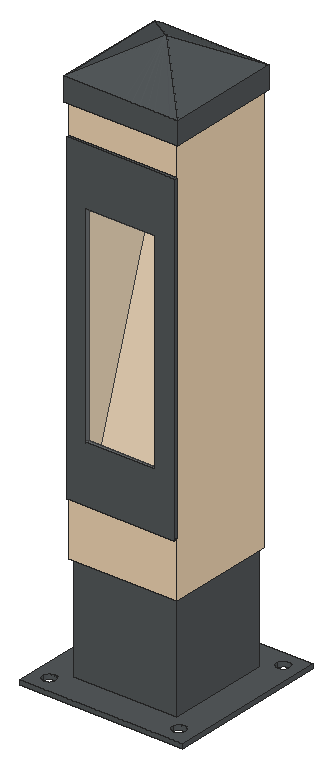
Revit family "Баум", category Осветительные приборы, Revit 2019 (continued)
Types (3, lengths in mm): name | Файл фотометрической сетки | built-in parameter 1150105 | Lumens | built-in parameter 1150106 | built-in parameter 1150142 | Wattage | h_столб низ | h_столб верх | ADSK_Фактическая мощность | ADSK_Размер_Высота | ADSK_Номинальная мощность | ADSK_Наименование | ADSK_Масса_Текст | ADSK_Масса | ADSK_Артикул
  ДТУ962 Светодиодный светильник Баум ДТУ-96-AF-6Вт-1,0 | "DTU-96-AF Baum 6 W.ies" | 47.746 (stored number, unit not read) | 600 lm | 0.47746 (stored number, unit not read) | "IESNA:LM-63-1995\r\n[TEST]\t\talf\r\n[MANUFAC]\tAlfresco\r\n[LUMCAT]\tDTU-96-AF Baum \r\n[LUMINAIRE]\tDTU-96-AF Baum 6 W\r\n[LAMP]\t\tLED\r\n[DATE]\t\tLDT Editor version 1.2.5.0 - DIAL GmbH (www.dial.de) on 13-05-2022\r\n[OTHER]\t\tEULUMDAT file: E:\\Revit\\1-я партия\\Ies\\Баум\\DTU-96-AF Baum 6 W.ldt\r\nTILT=NONE\r\n1 600.0 0.600 181 144 1 2 0.20 0.23 0.00\r\n1.0 1 6.0\r\n0.0 1.0 2.0 3.0 4.0 5.0 6.0 7.0 8.0 9.0 10.0 11.0 12.0 13.0 14.0 15.0 16.0 17.0 18.0 19.0 20.0 21.0 22.0 23.0 24.0 25.0 26.0 27.0\r\n 28.0 29.0 30.0 31.0 32.0 33.0 34.0 35.0 36.0 37.0 38.0 39.0 40.0 41.0 42.0 43.0 44.0 45.0 46.0 47.0 48.0 49.0 50.0 51.0 52.0 53.0\r\n 54.0 55.0 56.0 57.0 58.0 59.0 60.0 61.0 62.0 63.0 64.0 65.0 66.0 67.0 68.0 69.0 70.0 71.0 72.0 73.0 74.0 75.0 76.0 77.0 78.0 79.0\r\n 80.0 81.0 82.0 83.0 84.0 85.0 86.0 87.0 88.0 89.0 90.0 91.0 92.0 93.0 94.0 95.0 96.0 97.0 98.0 99.0 100.0 101.0 102.0 103.0 104.0\r\n 105.0 106.0 107.0 108.0 109.0 110.0 111.0 112.0 113.0 114.0 115.0 116.0 117.0 118.0 119.0 120.0 121.0 122.0 123.0 124.0 125.0\r\n 126.0 127.0 128.0 129.0 130.0 131.0 132.0 133.0 134.0 135.0 136.0 137.0 138.0 139.0 140.0 141.0 142.0 143.0 144.0 145.0 146.0\r\n 147.0 148.0 149.0 150.0 151.0 152.0 153.0 154.0 155.0 156.0 157.0 158.0 159.0 160.0 161.0 162.0 163.0 164.0 165.0 166.0 167.0\r\n 168.0 169.0 170.0 171.0 172.0 173.0 174.0 175.0 176.0 177.0 178.0 179.0 180.0\r\n0.0 2.5 5.0 7.5 10.0 12.5 15.0 17.5 20.0 22.5 25.0 27.5 30.0 32.5 35.0 37.5 40.0 42.5 45.0 47.5 50.0 52.5 55.0 57.5 60.0 62.5 65.0\r\n 67.5 70.0 72.5 75.0 77.5 80.0 82.5 85.0 87.5 90.0 92.5 95.0 97.5 100.0 102.5 105.0 107.5 110.0 112.5 115.0 117.5 120.0 122.5\r\n 125.0 127.5 130.0 132.5 135.0 137.5 140.0 142.5 145.0 147.5 150.0 152.5 155.0 157.5 160.0 162.5 165.0 167.5 170.0 172.5 175.0\r\n 177.5 180.0 182.5 185.0 187.5 190.0 192.5 195.0 197.5 200.0 202.5 205.0 207.5 210.0 212.5 215.0 217.5 220.0 222.5 225.0 227.5\r\n 230.0 232.5 235.0 237.5 240.0 242.5 245.0 247.5 250.0 252.5 255.0 257.5 260.0 262.5 265.0 267.5 270.0 272.5 275.0 277.5 280.0\r\n 282.5 285.0 287.5 290.0 292.5 295.0 297.5 300.0 302.5 305.0 307.5 310.0 312.5 315.0 317.5 320.0 322.5 325.0 327.5 330.0 332.5\r\n 335.0 337.5 340.0 342.5 345.0 347.5 350.0 352.5 355.0 357.5 360.0\r\n0.0 0.0 0.6 0.4 0.6 0.4 0.4 0.4 0.6 0.7 0.6 1.1 77.4 214.9 313.3 393.1 474.8 586.5 677.7 827.7 954.3 978.1 983.5 986.0 987.5 989.0\r\n 991.5 992.3 993.4 990.1 989.3 993.0 987.0 987.5 987.3 980.7 984.0 984.0 983.7 980.3 981.1 980.9 974.7 966.0 961.3 951.7 940.3\r\n 937.0 932.1 932.3 925.1 911.5 879.2 838.3 782.3 731.3 688.4 657.9 632.2 603.0 567.4 549.3 530.7 497.9 469.1 454.6 434.2 402.4\r\n 366.9 346.5 325.6 308.3 268.5 244.4 206.5 182.8 163.9 131.8 100.7 62.0 28.3 4.0 0.7 0.6 0.6 0.6 0.6 0.6 0.6 0.6 0.6 0.6 0.6 0.6\r\n 0.6 0.6 0.6 0.6 0.6 0.6 0.6 0.6 0.6 0.6 0.6 0.6 0.6 0.6 0.6 0.6 0.6 0.6 0.6 0.6 0.7 0.6 0.6 0.6 0.6 0.6 0.6 0.6 0.6 0.6 0.6 0.6\r\n 0.6 0.6 0.6 0.6 0.6 0.6 0.7 0.6 0.6 0.6 0.6 0.6 0.6 0.6 0.6 0.6 0.6 0.7 0.6 0.7 0.6 0.6 0.7 0.7 0.6 0.6 0.6 0.6 0.7 0.7 0.7 0.6\r\n 0.7 0.6 0.7 0.6 0.6 0.6 0.6 0.6 0.6 0.6 0.6 0.6 0.6 0.4 0.2 0.2 0.2 0.2 0.2 0.2 0.0 0.0 0.0\r\n0.0 0.0 0.6 0.4 0.6 0.4 0.4 0.4 0.6 0.7 0.6 0.9 75.2 216.0 314.4 395.3 478.6 597.2 694.8 837.4 948.8 977.2 974.8 973.7 979.6 982.6\r\n 985.7 985.1 989.9 990.6 992.5 986.8 988.8 989.3 984.8 988.2 988.2 980.3 976.3 973.2 967.1 963.5 961.6 955.6 947.7 948.0 956.7\r\n 955.6 946.2 932.3 922.7 901.8 871.7 829.7 774.6 723.2 684.0 653.9 627.8 597.2 571.7 555.9 532.9 494.0 458.4 440.1 424.7 396.6\r\n 368.3 349.4 337.9 308.7 278.0 245.9 203.3 171.2 160.6 129.2 94.9 57.4 20.5 2.6 0.6 0.4 0.6 0.6 0.4 0.6 0.6 0.6 0.6 0.6 0.6 0.6\r\n 0.6 0.6 0.6 0.6 0.6 0.6 0.6 0.6 0.6 0.6 0.6 0.6 0.6 0.6 0.6 0.6 0.6 0.6 0.6 0.6 0.6 0.6 0.6 0.6 0.6 0.6 0.6 0.6 0.6 0.6 0.6 0.6\r\n 0.6 0.6 0.6 0.6 0.6 0.6 0.6 0.6 0.6 0.6 0.6 0.6 0.6 0.6 0.6 0.6 0.6 0.6 0.6 0.6 0.6 0.6 0.6 0.6 0.6 0.6 0.6 0.6 0.6 0.6 0.6 0.6\r\n 0.6 0.6 0.6 0.6 0.6 0.6 0.6 0.6 0.6 0.6 0.6 0.6 0.6 0.4 0.2 0.2 0.2 0.2 0.2 0.2 0.0 0.0 0.0\r\n0.0 0.0 0.6 0.4 0.6 0.4 0.4 0.4 0.6 0.7 0.6 0.9 68.1 214.0 314.4 390.9 470.5 580.6 682.5 820.5 950.4 973.2 967.9 972.6 976.3 978.9\r\n 981.3 987.9 986.8 986.8 989.3 985.5 990.3 988.6 984.9 984.2 983.1 981.8 975.8 969.7 964.6 958.7 952.5 953.9 957.0 947.5 934.5\r\n 926.0 916.8 912.1 901.4 889.9 869.1 834.3 783.1 723.8 683.8 649.8 622.3 591.1 559.2 544.5 524.7 485.4 459.2 443.0 427.4 408.0\r\n 375.1 355.1 333.1 306.5 265.4 235.5 198.6 179.5 160.9 133.6 99.6 61.7 25.1 3.7 0.6 0.6 0.6 0.6 0.6 0.6 0.6 0.6 0.6 0.6 0.6 0.6\r\n 0.6 0.6 0.6 0.6 0.6 0.6 0.6 0.6 0.6 0.6 0.6 0.6 0.6 0.6 0.6 0.6 0.6 0.6 0.6 0.6 0.6 0.6 0.6 0.6 0.6 0.6 0.6 0.6 0.6 0.6 0.6 0.6\r\n 0.6 0.6 0.6 0.6 0.6 0.6 0.6 0.4 0.6 0.4 0.6 0.6 0.6 0.6 0.6 0.6 0.6 0.6 0.6 0.6 0.6 0.6 0.6 0.6 0.6 0.6 0.6 0.6 0.6 0.6 0.6 0.6\r\n 0.6 0.6 0.6 0.6 0.6 0.6 0.6 0.6 0.6 0.6 0.6 0.6 0.6 0.4 0.2 0.2 0.2 0.2 0.2 0.2 0.0 0.0 0.0\r\n0.0 0.0 0.6 0.4 0.6 0.4 0.4 0.4 0.6 0.7 0.6 0.7 57.8 206.3 309.6 383.4 455.9 552.2 650.4 780.3 950.4 975.9 973.0 972.5 973.7 984.6\r\n 984.0 987.9 984.9 989.3 991.7 989.5 987.1 975.4 979.4 972.3 964.4 964.9 966.8 967.9 968.8 965.5 962.2 952.6 944.7 931.5 923.6\r\n 920.3 918.7 913.7 899.8 889.5 871.3 821.4 765.6 719.0 671.3 638.1 617.4 587.6 556.2 536.6 517.0 485.4 456.2 443.2 422.3 395.1\r\n 362.6 340.6 330.9 302.1 267.6 238.0 204.6 173.2 160.0 131.8 96.2 55.1 18.0 3.3 0.6 0.4 0.4 0.4 0.4 0.4 0.4 0.4 0.4 0.4 0.4 0.4\r\n 0.4 0.4 0.4 0.4 0.4 0.4 0.4 0.4 0.4 0.4 0.4 0.4 0.4 0.4 0.4 0.4 0.4 0.4 0.4 0.4 0.4 0.4 0.4 0.4 0.4 0.6 0.4 0.4 0.4 0.6 0.6 0.4\r\n 0.4 0.4 0.4 0.4 0.4 0.4 0.4 0.4 0.4 0.6 0.6 0.6 0.6 0.6 0.6 0.6 0.6 0.6 0.6 0.6 0.6 0.6 0.6 0.6 0.6 0.6 0.6 0.6 0.6 0.6 0.6 0.6\r\n 0.6 0.6 0.6 0.6 0.6 0.6 0.6 0.6 0.6 0.6 0.6 0.6 0.6 0.4 0.2 0.2 0.2 0.2 0.2 0.2 0.0 0.0 0.0\r\n0.0 0.0 0.6 0.4 0.6 0.4 0.4 0.4 0.6 0.7 0.6 0.7 45.5 195.3 300.2 378.6 447.2 534.8 631.7 756.3 934.8 975.2 983.8 978.1 980.9 978.0\r\n 979.1 980.5 975.8 983.5 980.9 980.9 979.4 985.1 978.5 976.3 971.7 971.7 965.9 955.8 951.4 942.5 934.3 926.2 920.0 918.3 917.8\r\n 914.5 907.1 904.4 903.8 893.2 866.2 836.3 787.1 728.6 684.7 652.6 628.7 591.5 561.2 547.6 528.0 500.6 462.8 436.8 426.3 401.5\r\n 367.4 343.7 327.2 306.3 273.1 241.1 207.2 180.9 158.0 132.3 96.2 65.3 26.1 4.6 0.6 0.4 0.4 0.4 0.4 0.4 0.4 0.4 0.4 0.4 0.4 0.4\r\n 0.4 0.4 0.4 0.4 0.4 0.4 0.4 0.4 0.4 0.4 0.4 0.4 0.4 0.4 0.4 0.4 0.4 0.4 0.4 0.4 0.4 0.4 0.4 0.4 0.4 0.4 0.4 0.4 0.4 0.4 0.4 0.4\r\n 0.4 0.4 0.4 0.4 0.4 0.4 0.4 0.4 0.4 0.4 0.4 0.4 0.4 0.6 0.6 0.6 0.6 0.6 0.6 0.4 0.6 0.6 0.6 0.6 0.6 0.6 0.6 0.4 0.6 0.6 0.6 0.6\r\n 0.6 0.6 0.6 0.6 0.6 0.6 0.6 0.6 0.6 0.6 0.6 0.6 0.6 0.4 0.2 0.2 0.2 0.2 0.2 0.2 0.0 0.0 0.0\r\n0.0 0.0 0.6 0.4 0.6 0.4 0.4 0.4 0.6 0.6 0.6 0.7 31.4 180.4 289.8 373.1 446.9 530.0 626.7 732.6 914.3 975.6 984.6 990.3 984.4 983.5\r\n 981.6 980.5 985.9 981.3 977.6 979.1 974.5 977.8 978.0 975.2 972.3 960.9 957.4 951.0 941.1 940.5 943.3 942.7 936.7 932.6 928.6\r\n 914.6 903.3 897.6 891.2 884.7 865.1 837.9 790.6 739.6 683.4 643.4 618.5 595.0 561.6 539.7 518.3 483.6 449.6 435.8 419.0 397.5\r\n 365.4 338.6 320.6 299.7 266.3 241.3 208.1 177.3 155.8 127.5 96.7 56.7 20.5 2.7 0.4 0.4 0.4 0.4 0.4 0.4 0.4 0.4 0.4 0.4 0.4 0.4\r\n 0.4 0.4 0.4 0.4 0.4 0.4 0.4 0.4 0.4 0.4 0.4 0.4 0.4 0.4 0.4 0.4 0.4 0.4 0.4 0.4 0.4 0.4 0.4 0.4 0.4 0.4 0.4 0.4 0.4 0.4 0.4 0.4\r\n 0.4 0.4 0.4 0.4 0.4 0.4 0.4 0.4 0.4 0.4 0.4 0.4 0.4 0.4 0.4 0.4 0.6 0.4 0.4 0.4 0.4 0.6 0.4 0.6 0.6 0.4 0.6 0.6 0.6 0.6 0.6 0.6\r\n 0.6 0.6 0.6 0.6 0.6 0.6 0.6 0.6 0.6 0.6 0.6 0.6 0.6 0.4 0.2 0.2 0.2 0.2 0.2 0.2 0.0 0.0 0.0\r\n0.0 0.0 0.6 0.4 0.6 0.4 0.4 0.4 0.6 0.6 0.6 0.6 18.9 159.7 278.4 360.2 441.0 523.6 626.5 715.7 884.2 970.1 976.7 983.3 987.0 981.1\r\n 983.3 985.3 975.0 974.8 974.7 973.0 973.6 969.0 966.8 966.6 965.7 967.5 964.7 959.8 958.0 956.7 953.4 940.0 934.7 928.8 916.5\r\n 905.8 902.4 899.0 888.2 882.9 876.1 846.2 799.9 746.4 690.0 656.4 629.6 602.7 568.5 541.0 521.9 506.3 468.5 443.2 425.4 405.6\r\n 369.4 341.9 326.5 305.6 278.0 241.0 209.4 173.6 155.6 138.2 104.6 69.9 31.7 7.2 0.6 0.4 0.4 0.4 0.4 0.4 0.4 0.4 0.4 0.4 0.4 0.4\r\n 0.4 0.4 0.4 0.4 0.4 0.4 0.4 0.4 0.4 0.4 0.4 0.4 0.4 0.4 0.4 0.4 0.4 0.4 0.4 0.4 0.4 0.4 0.4 0.4 0.4 0.4 0.4 0.4 0.4 0.4 0.4 0.4\r\n 0.4 0.4 0.4 0.4 0.4 0.4 0.4 0.4 0.4 0.4 0.4 0.4 0.4 0.4 0.4 0.4 0.4 0.4 0.4 0.4 0.4 0.4 0.4 0.4 0.4 0.6 0.4 0.6 0.6 0.4 0.6 0.4\r\n 0.6 0.4 0.6 0.6 0.6 0.6 0.6 0.6 0.6 0.6 0.6 0.6 0.6 0.4 0.2 0.2 0.2 0.2 0.2 0.2 0.0 0.0 0.0\r\n0.0 0.0 0.6 0.4 0.6 0.4 0.4 0.4 0.6 0.6 0.6 0.6 10.3 135.8 261.9 339.9 417.9 501.6 608.5 697.7 837.4 948.4 964.9 968.1 971.5 971.4\r\n 975.0 973.6 974.3 975.2 978.7 978.9 972.1 971.7 971.0 970.1 962.5 958.9 957.0 961.3 953.9 945.8 936.7 934.7 936.9 926.6 910.2\r\n 911.5 909.9 890.8 884.0 878.1 863.4 841.8 798.3 742.9 694.6 647.1 618.1 594.6 555.5 530.5 513.7 492.4 459.2 430.5 412.2 395.7\r\n 363.4 339.1 325.0 308.7 272.5 240.6 207.0 170.5 153.8 131.8 97.6 59.5 26.8 5.3 0.6 0.4 0.4 0.4 0.4 0.4 0.4 0.4 0.4 0.4 0.4 0.4\r\n 0.4 0.4 0.4 0.4 0.4 0.4 0.4 0.4 0.4 0.4 0.4 0.4 0.4 0.4 0.4 0.4 0.4 0.4 0.4 0.4 0.4 0.4 0.4 0.4 0.4 0.4 0.4 0.4 0.4 0.4 0.4 0.4\r\n 0.4 0.4 0.4 0.4 0.4 0.4 0.4 0.4 0.4 0.4 0.4 0.4 0.4 0.4 0.4 0.4 0.4 0.4 0.4 0.4 0.4 0.4 0.4 0.4 0.4 0.4 0.4 0.4 0.4 0.4 0.4 0.4\r\n 0.4 0.4 0.4 0.4 0.6 0.6 0.6 0.6 0.6 0.6 0.6 0.4 0.6 0.4 0.2 0.2 0.2 0.2 0.2 0.2 0.0 0.0 0.0\r\n0.0 0.0 0.6 0.4 0.6 0.4 0.4 0.4 0.4 0.6 0.6 0.6 5.5 106.1 240.8 322.6 392.5 466.5 568.2 663.4 782.3 911.0 951.2 957.2 958.0 966.2\r\n 970.4 967.7 972.8 972.8 968.8 969.2 971.9 965.5 963.6 960.5 961.3 957.2 953.7 949.1 937.6 939.8 937.2 927.5 917.8 918.9 919.2\r\n 909.0 901.1 897.4 889.5 869.5 855.4 839.8 811.7 771.7 716.5 661.8 622.9 595.3 567.4 541.0 517.9 495.9 465.4 433.3 414.0 405.0\r\n 381.0 343.9 321.3 302.6 276.4 241.5 212.9 178.4 156.4 135.3 109.4 77.6 38.0 8.4 1.1 0.4 0.4 0.4 0.4 0.4 0.4 0.4 0.4 0.4 0.4 0.4\r\n 0.4 0.4 0.4 0.4 0.4 0.4 0.4 0.4 0.4 0.4 0.4 0.4 0.4 0.4 0.4 0.4 0.4 0.4 0.4 0.4 0.4 0.4 0.4 0.4 0.4 0.4 0.4 0.4 0.4 0.4 0.4 0.4\r\n 0.4 0.4 0.4 0.4 0.4 0.4 0.4 0.4 0.4 0.4 0.4 0.4 0.4 0.4 0.4 0.4 0.4 0.4 0.4 0.4 0.4 0.4 0.4 0.4 0.4 0.4 0.4 0.4 0.4 0.4 0.4 0.4\r\n 0.4 0.4 0.4 0.4 0.6 0.6 0.6 0.6 0.6 0.6 0.6 0.4 0.4 0.4 0.2 0.2 0.2 0.2 0.2 0.2 0.0 0.0 0.0\r\n0.0 0.0 0.6 0.4 0.6 0.4 0.4 0.4 0.4 0.6 0.6 0.6 2.9 72.7 214.5 307.8 376.0 439.5 527.6 630.9 739.4 880.7 949.0 948.0 953.2 960.2\r\n 959.8 960.9 960.5 961.6 959.4 957.4 958.0 958.3 957.8 958.1 957.6 953.6 952.1 946.2 948.0 941.3 938.7 934.5 926.9 917.8 908.8\r\n 900.9 895.9 886.4 878.5 869.3 860.5 847.5 821.6 775.5 722.9 670.0 628.2 595.3 571.5 537.5 514.6 499.7 474.9 439.2 410.5 395.5\r\n 378.0 343.0 317.5 300.2 270.1 238.4 207.6 177.3 151.6 134.9 109.6 72.3 39.1 5.7 0.6 0.4 0.4 0.4 0.4 0.4 0.4 0.4 0.4 0.4 0.4 0.4\r\n 0.4 0.4 0.4 0.4 0.4 0.4 0.4 0.4 0.4 0.4 0.4 0.4 0.4 0.4 0.4 0.4 0.4 0.4 0.4 0.4 0.4 0.4 0.4 0.4 0.4 0.4 0.4 0.4 0.4 0.4 0.4 0.4\r\n 0.4 0.4 0.4 0.4 0.4 0.4 0.4 0.4 0.4 0.4 0.4 0.4 0.4 0.4 0.4 0.4 0.4 0.4 0.4 0.4 0.4 0.4 0.4 0.4 0.4 0.4 0.4 0.4 0.4 0.4 0.4 0.4\r\n 0.4 0.4 0.4 0.4 0.4 0.4 0.4 0.6 0.6 0.6 0.6 0.4 0.4 0.4 0.2 0.2 0.2 0.2 0.2 0.2 0.0 0.0 0.0\r\n0.0 0.0 0.6 0.4 0.4 0.4 0.2 0.2 0.4 0.6 0.6 0.6 1.5 44.8 180.0 285.4 362.5 425.2 497.3 599.0 696.3 824.9 938.9 953.7 955.0 958.0\r\n 958.0 961.6 962.0 958.1 964.9 959.4 959.2 955.0 955.0 953.0 954.8 952.8 947.5 940.9 936.1 933.4 926.8 921.6 914.3 911.7 905.7\r\n 895.2 883.1 875.0 871.9 861.4 849.5 840.9 826.0 794.3 748.6 686.4 635.3 599.2 571.7 544.5 513.1 490.9 474.4 446.9 415.3 394.0\r\n 377.5 346.3 315.7 299.9 280.0 249.4 221.9 195.3 163.3 140.9 110.5 77.3 40.2 12.3 1.8 0.4 0.4 0.4 0.4 0.4 0.4 0.4 0.4 0.4 0.4 0.4\r\n 0.4 0.4 0.4 0.4 0.4 0.4 0.4 0.4 0.4 0.4 0.4 0.4 0.4 0.4 0.4 0.4 0.4 0.4 0.4 0.4 0.4 0.4 0.4 0.4 0.4 0.4 0.4 0.4 0.4 0.4 0.4 0.4\r\n 0.4 0.4 0.4 0.4 0.4 0.4 0.4 0.4 0.4 0.4 0.4 0.4 0.4 0.4 0.4 0.4 0.4 0.4 0.4 0.4 0.4 0.4 0.4 0.4 0.4 0.4 0.4 0.4 0.4 0.4 0.4 0.4\r\n 0.4 0.4 0.4 0.4 0.4 0.4 0.4 0.6 0.6 0.6 0.6 0.4 0.4 0.4 0.2 0.2 0.2 0.2 0.2 0.2 0.0 0.0 0.0\r\n0.0 0.0 0.6 0.4 0.4 0.2 0.2 0.2 0.4 0.6 0.6 0.6 0.7 23.5 138.7 255.6 338.6 407.2 472.6 563.8 659.0 781.6 902.4 954.7 956.5 953.0\r\n 955.9 955.9 954.3 952.1 952.3 950.8 946.9 948.6 942.5 940.0 935.9 934.5 932.3 931.3 926.2 922.7 915.0 915.4 905.7 895.9 891.3\r\n 880.3 880.0 869.9 858.3 842.9 835.4 822.9 810.4 783.6 751.5 708.7 659.7 612.2 575.1 545.4 509.3 482.5 470.2 444.7 410.2 385.9\r\n 367.4 343.4 315.7 291.8 273.4 248.1 210.9 183.3 150.1 135.1 111.9 84.2 47.3 17.6 1.1 0.4 0.4 0.4 0.4 0.4 0.4 0.4 0.4 0.4 0.4 0.4\r\n 0.4 0.4 0.4 0.4 0.4 0.4 0.4 0.4 0.4 0.4 0.4 0.4 0.4 0.4 0.4 0.4 0.4 0.4 0.4 0.4 0.4 0.4 0.4 0.4 0.4 0.4 0.4 0.4 0.4 0.4 0.4 0.4\r\n 0.4 0.4 0.4 0.4 0.4 0.4 0.4 0.4 0.4 0.4 0.4 0.4 0.4 0.4 0.4 0.4 0.4 0.4 0.4 0.4 0.4 0.4 0.4 0.4 0.4 0.4 0.4 0.4 0.4 0.4 0.4 0.4\r\n 0.4 0.4 0.4 0.4 0.4 0.4 0.4 0.6 0.6 0.6 0.6 0.4 0.4 0.4 0.2 0.2 0.2 0.2 0.2 0.2 0.0 0.0 0.0\r\n0.0 0.0 0.6 0.4 0.4 0.2 0.2 0.2 0.4 0.6 0.6 0.6 0.6 9.5 94.5 221.7 306.3 378.8 447.2 523.6 615.3 717.0 855.0 940.5 954.3 950.8\r\n 949.5 950.4 952.8 947.1 941.4 942.7 942.4 942.5 939.1 933.7 922.7 926.4 920.5 921.1 918.7 908.4 896.7 890.1 888.8 888.8 875.0\r\n 871.2 869.7 858.1 848.8 843.8 828.8 816.3 806.9 787.3 758.1 717.6 665.6 618.3 581.6 550.6 521.7 493.3 465.4 441.9 408.9 381.4\r\n 364.8 348.3 317.9 290.0 274.7 254.9 223.3 190.9 157.3 134.0 115.6 85.3 53.0 19.4 2.7 0.4 0.4 0.4 0.4 0.4 0.4 0.4 0.4 0.4 0.4 0.4\r\n 0.4 0.4 0.4 0.4 0.4 0.4 0.4 0.4 0.4 0.4 0.4 0.4 0.4 0.4 0.4 0.4 0.4 0.4 0.4 0.4 0.4 0.4 0.4 0.4 0.4 0.4 0.4 0.4 0.4 0.4 0.4 0.4\r\n 0.4 0.4 0.4 0.4 0.4 0.4 0.4 0.4 0.4 0.4 0.4 0.4 0.4 0.4 0.4 0.4 0.4 0.4 0.4 0.4 0.4 0.4 0.4 0.4 0.4 0.4 0.4 0.4 0.4 0.4 0.4 0.4\r\n 0.4 0.4 0.4 0.4 0.4 0.4 0.4 0.4 0.6 0.6 0.6 0.4 0.4 0.4 0.2 0.2 0.2 0.2 0.2 0.2 0.0 0.0 0.0\r\n0.0 0.0 0.6 0.4 0.4 0.2 0.2 0.2 0.4 0.6 0.6 0.6 0.4 3.7 53.6 176.9 273.1 348.9 414.7 481.2 562.1 653.5 779.6 892.8 946.2 944.4\r\n 944.2 937.4 936.1 940.7 938.9 932.6 930.6 929.3 926.9 923.6 923.5 912.4 912.3 905.3 902.2 899.6 897.4 892.4 882.5 875.2 871.7\r\n 863.8 851.1 844.4 830.6 826.6 821.2 814.8 803.2 787.5 763.4 729.3 686.4 633.0 595.5 560.8 530.2 489.8 469.6 446.3 424.5 393.5\r\n 370.5 352.9 325.6 295.1 270.1 245.2 221.5 188.1 160.8 131.2 111.9 92.9 61.1 27.7 4.8 0.4 0.4 0.4 0.4 0.4 0.4 0.4 0.4 0.4 0.4 0.4\r\n 0.4 0.4 0.4 0.4 0.4 0.4 0.4 0.4 0.4 0.4 0.4 0.4 0.4 0.4 0.4 0.4 0.4 0.4 0.4 0.4 0.4 0.4 0.4 0.4 0.4 0.4 0.4 0.4 0.4 0.4 0.4 0.4\r\n 0.4 0.4 0.4 0.4 0.4 0.4 0.4 0.4 0.4 0.4 0.4 0.4 0.4 0.4 0.4 0.4 0.4 0.4 0.4 0.4 0.4 0.4 0.4 0.4 0.4 0.4 0.4 0.4 0.4 0.4 0.4 0.4\r\n 0.4 0.4 0.4 0.4 0.4 0.4 0.4 0.4 0.4 0.6 0.6 0.4 0.4 0.4 0.2 0.2 0.2 0.2 0.2 0.2 0.0 0.0 0.0\r\n0.0 0.0 0.6 0.4 0.4 0.2 0.2 0.2 0.4 0.6 0.6 0.4 0.4 1.5 22.4 125.5 234.5 314.7 380.8 442.3 515.5 593.9 692.6 818.1 917.4 938.5\r\n 943.1 937.6 934.5 930.6 933.7 927.5 923.5 920.0 919.2 920.0 912.4 908.8 897.4 894.5 885.5 880.0 880.1 874.8 869.5 862.2 854.5\r\n 853.9 844.7 830.0 823.3 806.2 795.5 783.4 770.8 764.9 752.4 732.2 693.0 645.8 594.8 546.7 526.0 500.1 464.7 437.0 419.3 387.4\r\n 356.8 338.2 320.8 294.2 268.1 247.2 227.2 192.3 167.9 134.3 116.3 90.7 65.9 29.5 6.6 0.6 0.4 0.4 0.4 0.4 0.4 0.4 0.4 0.4 0.4 0.4\r\n 0.4 0.4 0.4 0.4 0.4 0.4 0.4 0.4 0.4 0.4 0.4 0.4 0.4 0.4 0.4 0.4 0.4 0.4 0.4 0.4 0.4 0.4 0.4 0.4 0.4 0.4 0.4 0.4 0.4 0.4 0.4 0.4\r\n 0.4 0.4 0.4 0.4 0.4 0.4 0.4 0.4 0.4 0.4 0.4 0.4 0.4 0.4 0.4 0.4 0.4 0.4 0.4 0.4 0.4 0.4 0.4 0.4 0.4 0.4 0.4 0.4 0.4 0.4 0.4 0.4\r\n 0.4 0.4 0.4 0.4 0.4 0.4 0.4 0.4 0.4 0.6 0.6 0.4 0.4 0.4 0.2 0.2 0.2 0.2 0.2 0.2 0.0 0.0 0.0\r\n0.0 0.0 0.6 0.4 0.4 0.2 0.2 0.2 0.4 0.6 0.6 0.4 0.4 0.6 6.4 76.9 182.0 274.7 343.0 408.3 468.3 538.4 620.7 723.6 841.1 919.2 926.4\r\n 932.1 927.3 928.8 921.6 920.0 918.0 910.4 904.6 900.3 900.0 888.8 889.9 884.9 876.7 874.8 864.5 856.3 857.9 852.6 844.7 824.4\r\n 821.2 819.0 803.6 796.6 788.4 782.7 772.4 755.4 745.1 727.5 702.3 666.4 614.4 563.2 520.8 495.3 463.9 439.9 416.0 395.5 363.4\r\n 335.3 316.2 292.9 266.5 246.6 
